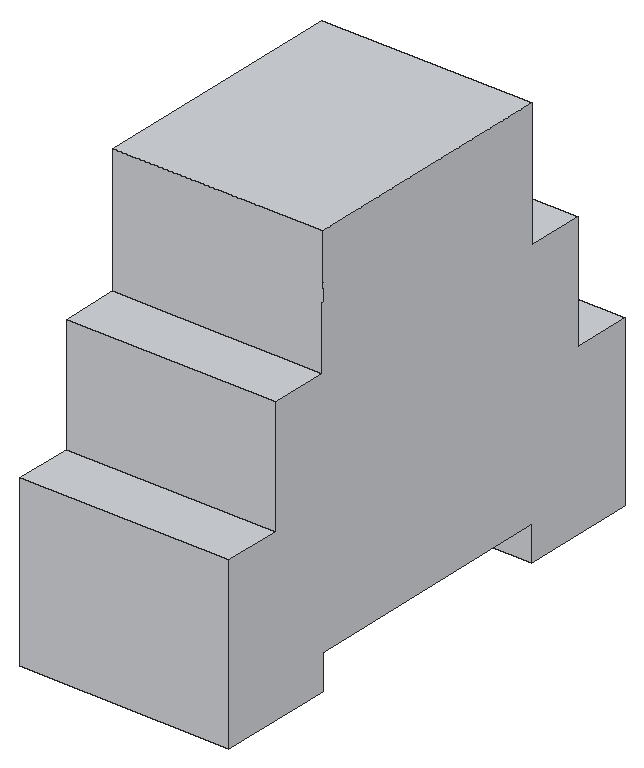
Revit family "Power-ModularDevices-GEWISS-90AM-BUZZER_TRANSFORMER", category Apparecchi elettrici, host Superficie, Revit 2016
Family settings
  Host = Superficie
  Mantenere orientamento annotazione = Sì
  Tipo di parte = Normale
  Quota connettore circolare = Usa diametro
  Numero OmniClass = 23.80.50.00
  Titolo OmniClass = Terminals for Power Supply
  Taglio con vuoti quando caricato = No
  Condiviso = No
  Punto di calcolo locali = Sì
Parameters (values of type "GW96408 - BUZZER 230V AC 2M. WITH TRANSFORMER")
  potenza in watt = 0 V
  carico = Altro
  Version file RFA = "18.0"
  URL = "https://www.gewiss.com/ww/en"
  Technical sheet = "https://www.gewiss.com/ww/en/search?q=GW96408"
  SEO = "Buzzer"
  Realized by GEWISS S.p.A. = ""
  Rated voltage = "230V"
  Default Elevation = 1219.2 mm
  Produttore = "GEWISS S.p.A."
  Power loss = "6,1VA"
  Numero di poli = 1
  No. of modules EN 50022 = "2"
  No. Chorus modules = "2"
  Modello = "GW96408"
  Immagine tipo = GW96408.jpg
  IFC.TypeObject = ""
  IFC.ExportType = ""
  IFC.ExportAs = ""
  IDT = "2f51bfe9-bcf0-469b-8fdd-40b6c8d623b3"
  IDF = "296c82ce-8426-478b-b711-23f7297921be"
  Electrocod = "140"
  EAN code = "8011564063686"
  Descrizione = "BUZZER 230V AC 2M. WITH TRANSFORMER"
  Catalogue Range = "90 AM"
  Catalogue = "POWER"
  COBie.Tagnumber = ""
  COBie.CreatedOn = ""
  COBie.CreatebBy = ""
  COBie.ComponentRegisterItemID = ""
  COBie.Component.TagNumber = ""
  COBie.Component.Space = ""
  COBie.Component.SerialNumber = ""
  COBie.Component.InstallationDate = ""
  COBie.Component.Description = ""
  COBie.Component.BarCode = ""
  Barra_DIN [instance] = 71 mm
Values of the unnamed type that differ from the named types
  Version file RFA = ""
  Technical sheet = ""
  SEO = ""
  Rated voltage = ""
  Power loss = ""
  No. of modules EN 50022 = ""
  No. Chorus modules = ""
  IDT = ""
  IDF = ""
  Electrocod = ""
  EAN code = ""
  Catalogue Range = ""
  Catalogue = ""
Reference planes
  plane 1 "Centro (Fronte/Retro)": y = 0
  plane 2: z = 0
  plane 3 "Centro (Sinistra/Destra)": x = 0
  plane 4: z = 71
Dimensions and locks
  "Barra_DIN": host face to plane 4
  aligned and locked: plane 2 to host face
  aligned and locked: level to host face
  aligned and locked: nested 1 to plane 4
Automatic sketch dimensions
  host sketch curve to host sketch curve = 2438.4 mm  (x2)
Nested families
  nested 1: "GENERICO - 90AM RONZATORI" at (0, 0, 6), type "GENERICO - 90AM RONZATORI"
Connectors
  electrical at (0, 42.5, 18.5), driven by "Numero di poli", driven by "carico"
    settings: on nested 1, index 1, voltage 230 V, apparent load 0 VA, apparent load phase1 0 VA, apparent load phase2 0 VA, apparent load phase3 0 VA, power factor 1, load classification "Altro", number of poles 1, system type 31, power factor state 1, is connector primary yes, connector utility no, sub classification motor no, connector description ""
Definition of nested family "GENERICO - 90AM RONZATORI"
  Parameters (values of type "GENERICO - 90AM RONZATORI")
    h_barra din = if(Altezza barre = 1 mm, 69.9 mm, if(Altezza barre = 2 mm, 115.8 mm, 0 mm))  # 0 mm
    H = if(AB_O = 1, AB_V, if(AB_O = 2, AB_H, 50.8 mm))  # 50.8 mm
    Dist barra din = 0 mm  # constant formula
    C1 = 49 mm  # constant formula
    C = 65 mm  # constant formula
    B = 85 mm  # constant formula
    Altezza barre = 5 mm  # constant formula
    AB_V = 3 mm  # constant formula
    AB_H = 5 mm  # constant formula
    AB_O = 0  # constant formula
    A = 17.5 mm  # constant formula
  Reference planes
    plane 1 "Centro (Fronte/Retro)": y = 0
    plane 2: z = 0
    plane 3 "Centro (Sinistra/Destra)": x = 0
    plane 4: y = -42.5
    plane 5: y = 42.5
    plane 6: z = 0
    plane 7: z = -6
    plane 8 "top": z = 65
    plane 9 "incasso": z = 43
    plane 10: y = -22.5
    plane 11: y = 22.5
    plane 12: x = -8.75
    plane 13: x = 8.75
    plane 14: through (4267.2, -42.5, 9) normal (0, -0.1901, 0.9818)
    plane 15 "retro": z = 23
    plane 16: y = -32.5
    plane 17: y = 32.5
  Forms (mm)
    Extrusion 1, solid
      sketch origin (0, 0, 0) x (0, 1, 0) y (0, 0, 1)
        loop
          line (-22.5, 0) -> (22.5, 0) -> (22.5, -6) -> (42.5, -6) -> (42.5, 23) -> (32.5, 23) -> (32.5, 43) -> (22.5, 43) -> (22.5, 65) -> (-22.5, 65) -> (-22.5, 43) -> (-32.5, 43) -> (-32.5, 23) -> (-42.5, 23) -> (-42.5, -6) -> (-22.5, -6) -> (-22.5, 0)
      from -18 to 18
  Lines and regions (mm)
    symbolic lines
      curve 1: line (0, 0, 15) -> (0, 0, -6)
      curve 2: line (0, -22.5, 0) -> (0, 22.5, 0)
    model lines, detail levels medium+fine
      curve 3: circle (-4.005, 37.125, 23) r 2.5 normal (0, 0, 1)
      curve 4: circle (4.505, 37.125, 23) r 2.5 normal (0, 0, 1)
      curve 5: circle (4.505, -37.278, 23) r 2.5 normal (0, 0, 1)
      curve 6: circle (-4.005, -37.278, 23) r 2.5 normal (0, 0, 1)
      curve 92: line (-4.016, 12.5, 65) -> (-4.231, 11.981, 65)
      curve 93: line (-4.231, 11.981, 65) -> (-4.75, 11.766, 65)
      curve 94: line (-4.75, 11.766, 65) -> (-5.269, 11.981, 65)
      curve 95: line (-5.269, 11.981, 65) -> (-5.484, 12.5, 65)
      curve 96: line (-5.484, 12.5, 65) -> (-5.269, 13.019, 65)
      curve 97: line (-5.269, 13.019, 65) -> (-4.75, 13.234, 65)
      curve 98: line (-4.75, 13.234, 65) -> (-4.231, 13.019, 65)
      curve 99: line (-4.231, 13.019, 65) -> (-4.016, 12.5, 65)
      curve 100: line (0.984, 12.5, 65) -> (0.769, 11.981, 65)
      curve 101: line (0.769, 11.981, 65) -> (0.25, 11.766, 65)
      curve 102: line (0.25, 11.766, 65) -> (-0.269, 11.981, 65)
      curve 103: line (-0.269, 11.981, 65) -> (-0.484, 12.5, 65)
      curve 104: line (-0.484, 12.5, 65) -> (-0.269, 13.019, 65)
      curve 105: line (-0.269, 13.019, 65) -> (0.25, 13.234, 65)
      curve 106: line (0.25, 13.234, 65) -> (0.769, 13.019, 65)
      curve 107: line (0.769, 13.019, 65) -> (0.984, 12.5, 65)
      curve 108: line (5.984, 12.5, 65) -> (5.769, 11.981, 65)
      curve 109: line (5.769, 11.981, 65) -> (5.25, 11.766, 65)
      curve 110: line (5.25, 11.766, 65) -> (4.731, 11.981, 65)
      curve 111: line (4.731, 11.981, 65) -> (4.516, 12.5, 65)
      curve 112: line (4.516, 12.5, 65) -> (4.731, 13.019, 65)
      curve 113: line (4.731, 13.019, 65) -> (5.25, 13.234, 65)
      curve 114: line (5.25, 13.234, 65) -> (5.769, 13.019, 65)
      curve 115: line (5.769, 13.019, 65) -> (5.984, 12.5, 65)
      curve 116: line (-4.016, 7.5, 65) -> (-4.231, 6.981, 65)
      curve 117: line (-4.231, 6.981, 65) -> (-4.75, 6.766, 65)
      curve 118: line (-4.75, 6.766, 65) -> (-5.269, 6.981, 65)
      curve 119: line (-5.269, 6.981, 65) -> (-5.484, 7.5, 65)
      curve 120: line (-5.484, 7.5, 65) -> (-5.269, 8.019, 65)
      curve 121: line (-5.269, 8.019, 65) -> (-4.75, 8.234, 65)
      curve 122: line (-4.75, 8.234, 65) -> (-4.231, 8.019, 65)
      curve 123: line (-4.231, 8.019, 65) -> (-4.016, 7.5, 65)
      curve 124: line (0.984, 7.5, 65) -> (0.769, 6.981, 65)
      curve 125: line (0.769, 6.981, 65) -> (0.25, 6.766, 65)
      curve 126: line (0.25, 6.766, 65) -> (-0.269, 6.981, 65)
      curve 127: line (-0.269, 6.981, 65) -> (-0.484, 7.5, 65)
      curve 128: line (-0.484, 7.5, 65) -> (-0.269, 8.019, 65)
      curve 129: line (-0.269, 8.019, 65) -> (0.25, 8.234, 65)
      curve 130: line (0.25, 8.234, 65) -> (0.769, 8.019, 65)
      curve 131: line (0.769, 8.019, 65) -> (0.984, 7.5, 65)
      curve 132: line (5.984, 7.5, 65) -> (5.769, 6.981, 65)
      curve 133: line (5.769, 6.981, 65) -> (5.25, 6.766, 65)
      curve 134: line (5.25, 6.766, 65) -> (4.731, 6.981, 65)
      curve 135: line (4.731, 6.981, 65) -> (4.516, 7.5, 65)
      curve 136: line (4.516, 7.5, 65) -> (4.731, 8.019, 65)
      curve 137: line (4.731, 8.019, 65) -> (5.25, 8.234, 65)
      curve 138: line (5.25, 8.234, 65) -> (5.769, 8.019, 65)
      curve 139: line (5.769, 8.019, 65) -> (5.984, 7.5, 65)
      curve 140: line (-4.016, 2.5, 65) -> (-4.231, 1.981, 65)
      curve 141: line (-4.231, 1.981, 65) -> (-4.75, 1.766, 65)
      curve 142: line (-4.75, 1.766, 65) -> (-5.269, 1.981, 65)
      curve 143: line (-5.269, 1.981, 65) -> (-5.484, 2.5, 65)
      curve 144: line (-5.484, 2.5, 65) -> (-5.269, 3.019, 65)
      curve 145: line (-5.269, 3.019, 65) -> (-4.75, 3.234, 65)
      curve 146: line (-4.75, 3.234, 65) -> (-4.231, 3.019, 65)
      curve 147: line (-4.231, 3.019, 65) -> (-4.016, 2.5, 65)
      curve 148: line (0.984, 2.5, 65) -> (0.769, 1.981, 65)
      curve 149: line (0.769, 1.981, 65) -> (0.25, 1.766, 65)
      curve 150: line (0.25, 1.766, 65) -> (-0.269, 1.981, 65)
      curve 151: line (-0.269, 1.981, 65) -> (-0.484, 2.5, 65)
      curve 152: line (-0.484, 2.5, 65) -> (-0.269, 3.019, 65)
      curve 153: line (-0.269, 3.019, 65) -> (0.25, 3.234, 65)
      curve 154: line (0.25, 3.234, 65) -> (0.769, 3.019, 65)
      curve 155: line (0.769, 3.019, 65) -> (0.984, 2.5, 65)
      curve 156: line (5.984, 2.5, 65) -> (5.769, 1.981, 65)
      curve 157: line (5.769, 1.981, 65) -> (5.25, 1.766, 65)
      curve 158: line (5.25, 1.766, 65) -> (4.731, 1.981, 65)
      curve 159: line (4.731, 1.981, 65) -> (4.516, 2.5, 65)
      curve 160: line (4.516, 2.5, 65) -> (4.731, 3.019, 65)
      curve 161: line (4.731, 3.019, 65) -> (5.25, 3.234, 65)
      curve 162: line (5.25, 3.234, 65) -> (5.769, 3.019, 65)
      curve 163: line (5.769, 3.019, 65) -> (5.984, 2.5, 65)
      curve 164: line (-4.016, -2.5, 65) -> (-4.231, -3.019, 65)
      curve 165: line (-4.231, -3.019, 65) -> (-4.75, -3.234, 65)
      curve 166: line (-4.75, -3.234, 65) -> (-5.269, -3.019, 65)
      curve 167: line (-5.269, -3.019, 65) -> (-5.484, -2.5, 65)
      curve 168: line (-5.484, -2.5, 65) -> (-5.269, -1.981, 65)
      curve 169: line (-5.269, -1.981, 65) -> (-4.75, -1.766, 65)
      curve 170: line (-4.75, -1.766, 65) -> (-4.231, -1.981, 65)
      curve 171: line (-4.231, -1.981, 65) -> (-4.016, -2.5, 65)
      curve 172: line (0.984, -2.5, 65) -> (0.769, -3.019, 65)
      curve 173: line (0.769, -3.019, 65) -> (0.25, -3.234, 65)
      curve 174: line (0.25, -3.234, 65) -> (-0.269, -3.019, 65)
      curve 175: line (-0.269, -3.019, 65) -> (-0.484, -2.5, 65)
      curve 176: line (-0.484, -2.5, 65) -> (-0.269, -1.981, 65)
      curve 177: line (-0.269, -1.981, 65) -> (0.25, -1.766, 65)
      curve 178: line (0.25, -1.766, 65) -> (0.769, -1.981, 65)
      curve 179: line (0.769, -1.981, 65) -> (0.984, -2.5, 65)
      curve 180: line (5.984, -2.5, 65) -> (5.769, -3.019, 65)
      curve 181: line (5.769, -3.019, 65) -> (5.25, -3.234, 65)
      curve 182: line (5.25, -3.234, 65) -> (4.731, -3.019, 65)
      curve 183: line (4.731, -3.019, 65) -> (4.516, -2.5, 65)
      curve 184: line (4.516, -2.5, 65) -> (4.731, -1.981, 65)
      curve 185: line (4.731, -1.981, 65) -> (5.25, -1.766, 65)
      curve 186: line (5.25, -1.766, 65) -> (5.769, -1.981, 65)
      curve 187: line (5.769, -1.981, 65) -> (5.984, -2.5, 65)
      curve 188: line (-4.016, -7.5, 65) -> (-4.231, -8.019, 65)
      curve 189: line (-4.231, -8.019, 65) -> (-4.75, -8.234, 65)
      curve 190: line (-4.75, -8.234, 65) -> (-5.269, -8.019, 65)
      curve 191: line (-5.269, -8.019, 65) -> (-5.484, -7.5, 65)
      curve 192: line (-5.484, -7.5, 65) -> (-5.269, -6.981, 65)
      curve 193: line (-5.269, -6.981, 65) -> (-4.75, -6.766, 65)
      curve 194: line (-4.75, -6.766, 65) -> (-4.231, -6.981, 65)
      curve 195: line (-4.231, -6.981, 65) -> (-4.016, -7.5, 65)
      curve 196: line (0.984, -7.5, 65) -> (0.769, -8.019, 65)
      curve 197: line (0.769, -8.019, 65) -> (0.25, -8.234, 65)
      curve 198: line (0.25, -8.234, 65) -> (-0.269, -8.019, 65)
      curve 199: line (-0.269, -8.019, 65) -> (-0.484, -7.5, 65)
      curve 200: line (-0.484, -7.5, 65) -> (-0.269, -6.981, 65)
      curve 201: line (-0.269, -6.981, 65) -> (0.25, -6.766, 65)
      curve 202: line (0.25, -6.766, 65) -> (0.769, -6.981, 65)
      curve 203: line (0.769, -6.981, 65) -> (0.984, -7.5, 65)
      curve 204: line (5.984, -7.5, 65) -> (5.769, -8.019, 65)
      curve 205: line (5.769, -8.019, 65) -> (5.25, -8.234, 65)
      curve 206: line (5.25, -8.234, 65) -> (4.731, -8.019, 65)
      curve 207: line (4.731, -8.019, 65) -> (4.516, -7.5, 65)
      curve 208: line (4.516, -7.5, 65) -> (4.731, -6.981, 65)
      curve 209: line (4.731, -6.981, 65) -> (5.25, -6.766, 65)
      curve 210: line (5.25, -6.766, 65) -> (5.769, -6.981, 65)
      curve 211: line (5.769, -6.981, 65) -> (5.984, -7.5, 65)
      curve 212: line (-14.016, 12.5, 65) -> (-14.231, 11.981, 65)
      curve 213: line (-14.231, 11.981, 65) -> (-14.75, 11.766, 65)
      curve 214: line (-14.75, 11.766, 65) -> (-15.269, 11.981, 65)
      curve 215: line (-15.269, 11.981, 65) -> (-15.484, 12.5, 65)
      curve 216: line (-15.484, 12.5, 65) -> (-15.269, 13.019, 65)
      curve 217: line (-15.269, 13.019, 65) -> (-14.75, 13.234, 65)
      curve 218: line (-14.75, 13.234, 65) -> (-14.231, 13.019, 65)
      curve 219: line (-14.231, 13.019, 65) -> (-14.016, 12.5, 65)
      curve 220: line (-9.016, 12.5, 65) -> (-9.231, 11.981, 65)
      curve 221: line (-9.231, 11.981, 65) -> (-9.75, 11.766, 65)
      curve 222: line (-9.75, 11.766, 65) -> (-10.269, 11.981, 65)
      curve 223: line (-10.269, 11.981, 65) -> (-10.484, 12.5, 65)
      curve 224: line (-10.484, 12.5, 65) -> (-10.269, 13.019, 65)
      curve 225: line (-10.269, 13.019, 65) -> (-9.75, 13.234, 65)
      curve 226: line (-9.75, 13.234, 65) -> (-9.231, 13.019, 65)
      curve 227: line (-9.231, 13.019, 65) -> (-9.016, 12.5, 65)
      curve 228: line (-14.016, 7.5, 65) -> (-14.231, 6.981, 65)
      curve 229: line (-14.231, 6.981, 65) -> (-14.75, 6.766, 65)
      curve 230: line (-14.75, 6.766, 65) -> (-15.269, 6.981, 65)
      curve 231: line (-15.269, 6.981, 65) -> (-15.484, 7.5, 65)
      curve 232: line (-15.484, 7.5, 65) -> (-15.269, 8.019, 65)
      curve 233: line (-15.269, 8.019, 65) -> (-14.75, 8.234, 65)
      curve 234: line (-14.75, 8.234, 65) -> (-14.231, 8.019, 65)
      curve 235: line (-14.231, 8.019, 65) -> (-14.016, 7.5, 65)
      curve 236: line (-9.016, 7.5, 65) -> (-9.231, 6.981, 65)
      curve 237: line (-9.231, 6.981, 65) -> (-9.75, 6.766, 65)
      curve 238: line (-9.75, 6.766, 65) -> (-10.269, 6.981, 65)
      curve 239: line (-10.269, 6.981, 65) -> (-10.484, 7.5, 65)
      curve 240: line (-10.484, 7.5, 65) -> (-10.269, 8.019, 65)
      curve 241: line (-10.269, 8.019, 65) -> (-9.75, 8.234, 65)
      curve 242: line (-9.75, 8.234, 65) -> (-9.231, 8.019, 65)
      curve 243: line (-9.231, 8.019, 65) -> (-9.016, 7.5, 65)
      curve 244: line (-14.016, 2.5, 65) -> (-14.231, 1.981, 65)
      curve 245: line (-14.231, 1.981, 65) -> (-14.75, 1.766, 65)
      curve 246: line (-14.75, 1.766, 65) -> (-15.269, 1.981, 65)
      curve 247: line (-15.269, 1.981, 65) -> (-15.484, 2.5, 65)
      curve 248: line (-15.484, 2.5, 65) -> (-15.269, 3.019, 65)
      curve 249: line (-15.269, 3.019, 65) -> (-14.75, 3.234, 65)
      curve 250: line (-14.75, 3.234, 65) -> (-14.231, 3.019, 65)
      curve 251: line (-14.231, 3.019, 65) -> (-14.016, 2.5, 65)
      curve 252: line (-9.016, 2.5, 65) -> (-9.231, 1.981, 65)
      curve 253: line (-9.231, 1.981, 65) -> (-9.75, 1.766, 65)
      curve 254: line (-9.75, 1.766, 65) -> (-10.269, 1.981, 65)
      curve 255: line (-10.269, 1.981, 65) -> (-10.484, 2.5, 65)
      curve 256: line (-10.484, 2.5, 65) -> (-10.269, 3.019, 65)
      curve 257: line (-10.269, 3.019, 65) -> (-9.75, 3.234, 65)
      curve 258: line (-9.75, 3.234, 65) -> (-9.231, 3.019, 65)
      curve 259: line (-9.231, 3.019, 65) -> (-9.016, 2.5, 65)
      curve 260: line (-14.016, -2.5, 65) -> (-14.231, -3.019, 65)
      curve 261: line (-14.231, -3.019, 65) -> (-14.75, -3.234, 65)
      curve 262: line (-14.75, -3.234, 65) -> (-15.269, -3.019, 65)
      curve 263: line (-15.269, -3.019, 65) -> (-15.484, -2.5, 65)
      curve 264: line (-15.484, -2.5, 65) -> (-15.269, -1.981, 65)
      curve 265: line (-15.269, -1.981, 65) -> (-14.75, -1.766, 65)
      curve 266: line (-14.75, -1.766, 65) -> (-14.231, -1.981, 65)
      curve 267: line (-14.231, -1.981, 65) -> (-14.016, -2.5, 65)
      curve 268: line (-9.016, -2.5, 65) -> (-9.231, -3.019, 65)
      curve 269: line (-9.231, -3.019, 65) -> (-9.75, -3.234, 65)
      curve 270: line (-9.75, -3.234, 65) -> (-10.269, -3.019, 65)
      curve 271: line (-10.269, -3.019, 65) -> (-10.484, -2.5, 65)
      curve 272: line (-10.484, -2.5, 65) -> (-10.269, -1.981, 65)
      curve 273: line (-10.269, -1.981, 65) -> (-9.75, -1.766, 65)
      curve 274: line (-9.75, -1.766, 65) -> (-9.231, -1.981, 65)
      curve 275: line (-9.231, -1.981, 65) -> (-9.016, -2.5, 65)
      curve 276: line (-14.016, -7.5, 65) -> (-14.231, -8.019, 65)
      curve 277: line (-14.231, -8.019, 65) -> (-14.75, -8.234, 65)
      curve 278: line (-14.75, -8.234, 65) -> (-15.269, -8.019, 65)
      curve 279: line (-15.269, -8.019, 65) -> (-15.484, -7.5, 65)
      curve 280: line (-15.484, -7.5, 65) -> (-15.269, -6.981, 65)
      curve 281: line (-15.269, -6.981, 65) -> (-14.75, -6.766, 65)
      curve 282: line (-14.75, -6.766, 65) -> (-14.231, -6.981, 65)
      curve 283: line (-14.231, -6.981, 65) -> (-14.016, -7.5, 65)
      curve 284: line (-9.016, -7.5, 65) -> (-9.231, -8.019, 65)
      curve 285: line (-9.231, -8.019, 65) -> (-9.75, -8.234, 65)
      curve 286: line (-9.75, -8.234, 65) -> (-10.269, -8.019, 65)
      curve 287: line (-10.269, -8.019, 65) -> (-10.484, -7.5, 65)
      curve 288: line (-10.484, -7.5, 65) -> (-10.269, -6.981, 65)
      curve 289: line (-10.269, -6.981, 65) -> (-9.75, -6.766, 65)
      curve 290: line (-9.75, -6.766, 65) -> (-9.231, -6.981, 65)
      curve 291: line (-9.231, -6.981, 65) -> (-9.016, -7.5, 65)
      curve 292: line (10.984, 12.5, 65) -> (10.769, 11.981, 65)
      curve 293: line (10.769, 11.981, 65) -> (10.25, 11.766, 65)
      curve 294: line (10.25, 11.766, 65) -> (9.731, 11.981, 65)
      curve 295: line (9.731, 11.981, 65) -> (9.516, 12.5, 65)
      curve 296: line (9.516, 12.5, 65) -> (9.731, 13.019, 65)
      curve 297: line (9.731, 13.019, 65) -> (10.25, 13.234, 65)
      curve 298: line (10.25, 13.234, 65) -> (10.769, 13.019, 65)
      curve 299: line (10.769, 13.019, 65) -> (10.984, 12.5, 65)
      curve 300: line (15.984, 12.5, 65) -> (15.769, 11.981, 65)
      curve 301: line (15.769, 11.981, 65) -> (15.25, 11.766, 65)
      curve 302: line (15.25, 11.766, 65) -> (14.731, 11.981, 65)
      curve 303: line (14.731, 11.981, 65) -> (14.516, 12.5, 65)
      curve 304: line (14.516, 12.5, 65) -> (14.731, 13.019, 65)
      curve 305: line (14.731, 13.019, 65) -> (15.25, 13.234, 65)
      curve 306: line (15.25, 13.234, 65) -> (15.769, 13.019, 65)
      curve 307: line (15.769, 13.019, 65) -> (15.984, 12.5, 65)
      curve 308: line (10.984, 7.5, 65) -> (10.769, 6.981, 65)
      curve 309: line (10.769, 6.981, 65) -> (10.25, 6.766, 65)
      curve 310: line (10.25, 6.766, 65) -> (9.731, 6.981, 65)
      curve 311: line (9.731, 6.981, 65) -> (9.516, 7.5, 65)
      curve 312: line (9.516, 7.5, 65) -> (9.731, 8.019, 65)
      curve 313: line (9.731, 8.019, 65) -> (10.25, 8.234, 65)
      curve 314: line (10.25, 8.234, 65) -> (10.769, 8.019, 65)
      curve 315: line (10.769, 8.019, 65) -> (10.984, 7.5, 65)
      curve 316: line (15.984, 7.5, 65) -> (15.769, 6.981, 65)
      curve 317: line (15.769, 6.981, 65) -> (15.25, 6.766, 65)
      curve 318: line (15.25, 6.766, 65) -> (14.731, 6.981, 65)
      curve 319: line (14.731, 6.981, 65) -> (14.516, 7.5, 65)
      curve 320: line (14.516, 7.5, 65) -> (14.731, 8.019, 65)
      curve 321: line (14.731, 8.019, 65) -> (15.25, 8.234, 65)
      curve 322: line (15.25, 8.234, 65) -> (15.769, 8.019, 65)
      curve 323: line (15.769, 8.019, 65) -> (15.984, 7.5, 65)
      curve 324: line (10.984, 2.5, 65) -> (10.769, 1.981, 65)
      curve 325: line (10.769, 1.981, 65) -> (10.25, 1.766, 65)
      curve 326: line (10.25, 1.766, 65) -> (9.731, 1.981, 65)
      curve 327: line (9.731, 1.981, 65) -> (9.516, 2.5, 65)
      curve 328: line (9.516, 2.5, 65) -> (9.731, 3.019, 65)
      curve 329: line (9.731, 3.019, 65) -> (10.25, 3.234, 65)
      curve 330: line (10.25, 3.234, 65) -> (10.769, 3.019, 65)
      curve 331: line (10.769, 3.019, 65) -> (10.984, 2.5, 65)
      curve 332: line (15.984, 2.5, 65) -> (15.769, 1.981, 65)
      curve 333: line (15.769, 1.981, 65) -> (15.25, 1.766, 65)
      curve 334: line (15.25, 1.766, 65) -> (14.731, 1.981, 65)
      curve 335: line (14.731, 1.981, 65) -> (14.516, 2.5, 65)
      curve 336: line (14.516, 2.5, 65) -> (14.731, 3.019, 65)
      curve 337: line (14.731, 3.019, 65) -> (15.25, 3.234, 65)
      curve 338: line (15.25, 3.234, 65) -> (15.769, 3.019, 65)
      curve 339: line (15.769, 3.019, 65) -> (15.984, 2.5, 65)
      curve 340: line (10.984, -2.5, 65) -> (10.769, -3.019, 65)
      curve 341: line (10.769, -3.019, 65) -> (10.25, -3.234, 65)
      curve 342: line (10.25, -3.234, 65) -> (9.731, -3.019, 65)
      curve 343: line (9.731, -3.019, 65) -> (9.516, -2.5, 65)
      curve 344: line (9.516, -2.5, 65) -> (9.731, -1.981, 65)
      curve 345: line (9.731, -1.981, 65) -> (10.25, -1.766, 65)
      curve 346: line (10.25, -1.766, 65) -> (10.769, -1.981, 65)
      curve 347: line (10.769, -1.981, 65) -> (10.984, -2.5, 65)
      curve 348: line (15.984, -2.5, 65) -> (15.769, -3.019, 65)
      curve 349: line (15.769, -3.019, 65) -> (15.25, -3.234, 65)
      curve 350: line (15.25, -3.234, 65) -> (14.731, -3.019, 65)
      curve 351: line (14.731, -3.019, 65) -> (14.516, -2.5, 65)
      curve 352: line (14.516, -2.5, 65) -> (14.731, -1.981, 65)
      curve 353: line (14.731, -1.981, 65) -> (15.25, -1.766, 65)
      curve 354: line (15.25, -1.766, 65) -> (15.769, -1.981, 65)
      curve 355: line (15.769, -1.981, 65) -> (15.984, -2.5, 65)
      curve 356: line (10.984, -7.5, 65) -> (10.769, -8.019, 65)
      curve 357: line (10.769, -8.019, 65) -> (10.25, -8.234, 65)
      curve 358: line (10.25, -8.234, 65) -> (9.731, -8.019, 65)
      curve 359: line (9.731, -8.019, 65) -> (9.516, -7.5, 65)
      curve 360: line (9.516, -7.5, 65) -> (9.731, -6.981, 65)
      curve 361: line (9.731, -6.981, 65) -> (10.25, -6.766, 65)
      curve 362: line (10.25, -6.766, 65) -> (10.769, -6.981, 65)
      curve 363: line (10.769, -6.981, 65) -> (10.984, -7.5, 65)
      curve 364: line (15.984, -7.5, 65) -> (15.769, -8.019, 65)
      curve 365: line (15.769, -8.019, 65) -> (15.25, -8.234, 65)
      curve 366: line (15.25, -8.234, 65) -> (14.731, -8.019, 65)
      curve 367: line (14.731, -8.019, 65) -> (14.516, -7.5, 65)
      curve 368: line (14.516, -7.5, 65) -> (14.731, -6.981, 65)
      curve 369: line (14.731, -6.981, 65) -> (15.25, -6.766, 65)
      curve 370: line (15.25, -6.766, 65) -> (15.769, -6.981, 65)
      curve 371: line (15.769, -6.981, 65) -> (15.984, -7.5, 65)
      curve 372: circle (12.967, 37.125, 23) r 2.5 normal (0, 0, 1)
      curve 373: circle (-12.508, 37.125, 23) r 2.5 normal (0, 0, 1)
      curve 374: circle (13.018, -37.278, 23) r 2.5 normal (0, 0, 1)
      curve 375: circle (-12.473, -37.278, 23) r 2.5 normal (0, 0, 1)
    model lines, detail levels fine
      curve 7: line (-14.299, -19.371, 65) -> (-14.299, -21.488, 65)
      curve 8: line (-14.299, -21.488, 65) -> (-15.008, -21.488, 65)
      curve 9: line (-15.008, -21.488, 65) -> (-15.419, -21.436, 65)
      curve 10: line (-15.419, -21.436, 65) -> (-15.923, -21.213, 65)
      curve 11: line (-15.923, -21.213, 65) -> (-16.322, -20.842, 65)
      curve 12: line (-16.322, -20.842, 65) -> (-16.587, -20.343, 65)
      curve 13: line (-16.587, -20.343, 65) -> (-16.669, -19.81, 65)
      curve 14: line (-16.669, -19.81, 65) -> (-16.589, -19.32, 65)
      curve 15: line (-16.589, -19.32, 65) -> (-16.377, -18.887, 65)
      curve 16: line (-16.377, -18.887, 65) -> (-15.995, -18.492, 65)
      curve 17: line (-15.995, -18.492, 65) -> (-15.534, -18.252, 65)
      curve 18: line (-15.534, -18.252, 65) -> (-15.015, -18.166, 65)
      curve 19: line (-15.015, -18.166, 65) -> (-14.299, -18.166, 65)
      curve 20: line (-14.299, -18.166, 65) -> (-14.299, -19.079, 65)
      curve 21: line (-14.299, -19.079, 65) -> (-15.504, -19.079, 65)
      curve 22: line (-15.504, -19.079, 65) -> (-15.504, -20.575, 65)
      curve 23: line (-15.504, -20.575, 65) -> (-15.21, -20.575, 65)
      curve 24: line (-15.21, -20.575, 65) -> (-15.21, -19.371, 65)
      curve 25: line (-15.21, -19.371, 65) -> (-14.299, -19.371, 65)
      curve 26: line (-11.434, -21.488, 65) -> (-14.007, -21.488, 65)
      curve 27: line (-14.007, -21.488, 65) -> (-14.007, -18.166, 65)
      curve 28: line (-14.007, -18.166, 65) -> (-12.638, -18.166, 65)
      curve 29: line (-12.638, -18.166, 65) -> (-12.638, -19.079, 65)
      curve 30: line (-12.638, -19.079, 65) -> (-13.095, -19.079, 65)
      curve 31: line (-13.095, -19.079, 65) -> (-13.095, -19.371, 65)
      curve 32: line (-13.095, -19.371, 65) -> (-11.434, -19.371, 65)
      curve 33: line (-11.434, -19.371, 65) -> (-11.434, -20.283, 65)
      curve 34: line (-11.434, -20.283, 65) -> (-13.094, -20.283, 65)
      curve 35: line (-13.094, -20.283, 65) -> (-13.094, -20.575, 65)
      curve 36: line (-13.094, -20.575, 65) -> (-11.434, -20.575, 65)
      curve 37: line (-11.434, -20.575, 65) -> (-11.434, -21.488, 65)
      curve 38: line (-6.781, -21.488, 65) -> (-6.781, -19.371, 65)
      curve 39: line (-6.781, -19.371, 65) -> (-7.693, -19.371, 65)
      curve 40: line (-7.693, -19.371, 65) -> (-7.693, -21.488, 65)
      curve 41: line (-7.693, -21.488, 65) -> (-6.781, -21.488, 65)
      curve 42: line (-9.837, -21.488, 65) -> (-9.564, -20.119, 65)
      curve 43: line (-9.564, -20.119, 65) -> (-9.29, -21.488, 65)
      curve 44: line (-9.29, -21.488, 65) -> (-8.378, -21.488, 65)
      curve 45: line (-8.378, -21.488, 65) -> (-7.812, -19.079, 65)
      curve 46: line (-7.812, -19.079, 65) -> (-6.781, -19.079, 65)
      curve 47: line (-6.781, -19.079, 65) -> (-6.781, -18.166, 65)
      curve 48: line (-6.781, -18.166, 65) -> (-8.533, -18.166, 65)
      curve 49: line (-8.533, -18.166, 65) -> (-8.861, -19.572, 65)
      curve 50: line (-8.861, -19.572, 65) -> (-9.089, -18.166, 65)
      curve 51: line (-9.089, -18.166, 65) -> (-10.038, -18.166, 65)
      curve 52: line (-10.038, -18.166, 65) -> (-10.266, -19.572, 65)
      curve 53: line (-10.266, -19.572, 65) -> (-10.595, -18.166, 65)
      curve 54: line (-10.595, -18.166, 65) -> (-12.346, -18.166, 65)
      curve 55: line (-12.346, -18.166, 65) -> (-12.346, -19.079, 65)
      curve 56: line (-12.346, -19.079, 65) -> (-11.315, -19.079, 65)
      curve 57: line (-11.315, -19.079, 65) -> (-10.751, -21.488, 65)
      curve 58: line (-10.751, -21.488, 65) -> (-9.837, -21.488, 65)
      curve 59: line (-3.916, -18.166, 65) -> (-6.489, -18.166, 65)
      curve 60: line (-6.489, -18.166, 65) -> (-6.489, -20.283, 65)
      curve 61: line (-6.489, -20.283, 65) -> (-4.828, -20.283, 65)
      curve 62: line (-4.828, -20.283, 65) -> (-4.828, -20.575, 65)
      curve 63: line (-4.828, -20.575, 65) -> (-6.489, -20.575, 65)
      curve 64: line (-6.489, -20.575, 65) -> (-6.489, -21.488, 65)
      curve 65: line (-6.489, -21.488, 65) -> (-3.916, -21.488, 65)
      curve 66: line (-3.916, -21.488, 65) -> (-3.916, -19.371, 65)
      curve 67: line (-3.916, -19.371, 65) -> (-5.576, -19.371, 65)
      curve 68: line (-5.576, -19.371, 65) -> (-5.576, -19.079, 65)
      curve 69: line (-5.576, -19.079, 65) -> (-3.916, -19.079, 65)
      curve 70: line (-3.916, -19.079, 65) -> (-3.916, -18.166, 65)
      curve 71: line (-3.624, -18.166, 65) -> (-3.624, -20.283, 65)
      curve 72: line (-3.624, -20.283, 65) -> (-2.075, -20.283, 65)
      curve 73: line (-2.075, -20.283, 65) -> (-2.075, -20.575, 65)
      curve 74: line (-2.075, -20.575, 65) -> (-3.624, -20.575, 65)
      curve 75: line (-3.624, -20.575, 65) -> (-3.624, -21.488, 65)
      curve 76: line (-3.624, -21.488, 65) -> (-2.712, -21.488, 65)
      curve 77: line (-2.712, -21.488, 65) -> (-2.185, -21.318, 65)
      curve 78: line (-2.185, -21.318, 65) -> (-1.845, -21.097, 65)
      curve 79: line (-1.845, -21.097, 65) -> (-1.455, -20.619, 65)
      curve 80: line (-1.455, -20.619, 65) -> (-1.274, -20.083, 65)
      curve 81: line (-1.274, -20.083, 65) -> (-1.269, -19.607, 65)
      curve 82: line (-1.269, -19.607, 65) -> (-1.318, -19.371, 65)
      curve 83: line (-1.318, -19.371, 65) -> (-2.712, -19.371, 65)
      curve 84: line (-2.712, -19.371, 65) -> (-2.712, -19.079, 65)
      curve 85: line (-2.712, -19.079, 65) -> (-1.443, -19.079, 65)
      curve 86: line (-1.443, -19.079, 65) -> (-1.607, -18.803, 65)
      curve 87: line (-1.607, -18.803, 65) -> (-1.845, -18.557, 65)
      curve 88: line (-1.845, -18.557, 65) -> (-2.175, -18.34, 65)
      curve 89: line (-2.175, -18.34, 65) -> (-2.52, -18.214, 65)
      curve 90: line (-2.52, -18.214, 65) -> (-2.908, -18.166, 65)
      curve 91: line (-2.908, -18.166, 65) -> (-3.624, -18.166, 65)
  Text (mm)
    text "AB_V" at (0, 50.868, 44.72), in view "Destra"
    text "AB_O" at (0, -80.659, 111.963), in view "Destra"
  Dimensions and locks
    equal spacing: plane 4, plane 1 "Centro (Fronte/Retro)", plane 5
    "B": plane 4 to plane 5
    "Dist barra din": plane 6 to level
    locked: plane 6 to plane 7 at 6
    "C": plane 8 "top" to plane 6
    equal spacing: plane 10, plane 1 "Centro (Fronte/Retro)", plane 11
    plane 10 to plane 11 = 45 mm
    equal spacing: plane 12, plane 3 "Centro (Sinistra/Destra)", plane 13
    "A": plane 12 to plane 13
    "C1": plane 9 "incasso" to plane 7
    locked: plane 16 to plane 10 at 10
    locked: plane 11 to plane 17 at 10
    angle level to plane 14 = 10.9557°
    angle plane 4 to plane 8 "top" = 90.00°
    aligned and locked: level to plane 2
    aligned and locked: Extrusion 1 sketch curve to plane 6
    aligned and locked: Extrusion 1 sketch curve to plane 7
    aligned and locked: Extrusion 1 sketch curve to plane 4
    aligned and locked: Extrusion 1 sketch curve to plane 11  (x2)
    aligned and locked: Extrusion 1 sketch curve to plane 10
    aligned and locked: plane 1 "Centro (Fronte/Retro)" to curve 1
    aligned and locked: Extrusion 1 to plane 6
    aligned and locked: plane 10 to Extrusion 1 sketch curve
    aligned and locked: Extrusion 1 sketch curve to plane 9 "incasso"
    aligned and locked: plane 9 "incasso" to Extrusion 1 sketch curve
    aligned and locked: Extrusion 1 sketch curve to plane 5
    aligned and locked: Extrusion 1 sketch curve to plane 16
    aligned and locked: Extrusion 1 sketch curve to plane 17
    aligned and locked: Extrusion 1 sketch curve to plane 15 "retro"
    aligned and locked: plane 15 "retro" to Extrusion 1 sketch curve
  Automatic sketch dimensions
    Extrusion 1 sketch curve to plane 7 = 0 mm
    Extrusion 1 sketch curve to plane 8 "top" = 0 mm
    curve 2 to level = 0 mm
    curve 2 to plane 10 = 0 mm
    curve 2 to plane 11 = 0 mm
    curve 1 to plane 7 = 0 mm
    plane 15 "retro" to curve 1 = 8 mm
    plane 12 to curve 98 = 4 mm
    curve 98 to plane 11 = 9.266 mm
    curve 114 to plane 13 = 3.5 mm
    curve 114 to plane 11 = 9.266 mm
    plane 3 "Centro (Sinistra/Destra)" to curve 105 = 0.25 mm
    curve 97 to curve 105 = 0 mm
    plane 12 to curve 96 = 3.481 mm
    curve 97 to curve 96 = 0.215 mm
    curve 115 to plane 13 = 2.981 mm
    curve 113 to curve 115 = 0.215 mm
    curve 98 to plane 3 "Centro (Sinistra/Destra)" = 4.231 mm
    curve 97 to curve 98 = 0.215 mm
    curve 104 to plane 3 "Centro (Sinistra/Destra)" = 0.269 mm
    curve 105 to curve 104 = 0.215 mm
    curve 112 to plane 13 = 4.019 mm
    curve 114 to curve 112 = 0.215 mm
    plane 3 "Centro (Sinistra/Destra)" to curve 107 = 0.769 mm
    curve 105 to curve 107 = 0.215 mm
    curve 111 to plane 13 = 4.234 mm
    curve 112 to curve 111 = 0.519 mm
    plane 12 to curve 95 = 3.266 mm
    curve 96 to curve 95 = 0.519 mm
    curve 99 to plane 3 "Centro (Sinistra/Destra)" = 4.016 mm
    curve 98 to curve 99 = 0.519 mm
    plane 3 "Centro (Sinistra/Destra)" to curve 100 = 0.984 mm
    curve 106 to curve 100 = 0.519 mm
    curve 108 to plane 13 = 2.766 mm
    curve 114 to curve 108 = 0.519 mm
    curve 104 to plane 3 "Centro (Sinistra/Destra)" = 0.484 mm
    curve 104 to curve 104 = 0.519 mm
    curve 102 to plane 3 "Centro (Sinistra/Destra)" = 0.269 mm
    curve 103 to curve 102 = 0.519 mm
    plane 12 to curve 94 = 3.481 mm
    curve 96 to curve 94 = 0.519 mm
    curve 110 to plane 13 = 4.019 mm
    curve 111 to curve 110 = 0.519 mm
    curve 109 to plane 13 = 2.981 mm
    curve 108 to curve 109 = 0.519 mm
    curve 92 to plane 3 "Centro (Sinistra/Destra)" = 4.231 mm
    curve 92 to curve 92 = 0.519 mm
    plane 3 "Centro (Sinistra/Destra)" to curve 100 = 0.769 mm
    curve 100 to curve 100 = 0.519 mm
    plane 3 "Centro (Sinistra/Destra)" to curve 101 = 0.25 mm
    curve 100 to curve 101 = 0.215 mm
    curve 109 to plane 13 = 3.5 mm
    curve 110 to curve 109 = 0.215 mm
    plane 12 to curve 94 = 4 mm
    curve 94 to curve 94 = 0.215 mm
    curve 138 to plane 13 = 3.5 mm
    curve 109 to curve 138 = 3.531 mm
    plane 12 to curve 122 = 4 mm
    curve 93 to curve 122 = 3.531 mm
    plane 3 "Centro (Sinistra/Destra)" to curve 130 = 0.25 mm
    curve 101 to curve 130 = 3.531 mm
    plane 3 "Centro (Sinistra/Destra)" to curve 131 = 0.769 mm
    curve 129 to curve 131 = 0.215 mm
    curve 137 to curve 137 = 0.215 mm
    plane 12 to curve 120 = 3.481 mm
    curve 121 to curve 120 = 0.215 mm
    curve 128 to plane 3 "Centro (Sinistra/Destra)" = 0.269 mm
    curve 129 to curve 128 = 0.215 mm
    curve 138 to plane 13 = 2.981 mm
    curve 137 to curve 138 = 0.215 mm
    curve 121 to curve 123 = 0.215 mm
    curve 136 to curve 136 = 0.519 mm
    curve 128 to plane 3 "Centro (Sinistra/Destra)" = 0.484 mm
    curve 128 to curve 128 = 0.519 mm
    plane 3 "Centro (Sinistra/Destra)" to curve 124 = 0.984 mm
    curve 130 to curve 124 = 0.519 mm
    curve 122 to curve 116 = 0.519 mm
    plane 12 to curve 120 = 3.266 mm
    curve 120 to curve 120 = 0.519 mm
    curve 132 to plane 13 = 2.766 mm
    curve 138 to curve 132 = 0.519 mm
    plane 3 "Centro (Sinistra/Destra)" to curve 124 = 0.769 mm
    curve 124 to curve 124 = 0.519 mm
    curve 116 to curve 117 = 0.519 mm
    curve 126 to plane 3 "Centro (Sinistra/Destra)" = 0.269 mm
    curve 127 to curve 126 = 0.519 mm
    curve 135 to curve 135 = 0.519 mm
    curve 133 to plane 13 = 2.981 mm
    curve 132 to curve 133 = 0.519 mm
    plane 12 to curve 119 = 3.481 mm
    curve 120 to curve 119 = 0.519 mm
    curve 134 to curve 133 = 0.215 mm
    plane 3 "Centro (Sinistra/Destra)" to curve 126 = 0.25 mm
    curve 124 to curve 126 = 0.215 mm
    curve 118 to curve 117 = 0.215 mm
    plane 3 "Centro (Sinistra/Destra)" to curve 154 = 0.25 mm
    curve 154 to plane 1 "Centro (Fronte/Retro)" = 3.234 mm
    curve 161 to plane 1 "Centro (Fronte/Retro)" = 3.234 mm
    curve 145 to plane 1 "Centro (Fronte/Retro)" = 3.234 mm
    curve 152 to plane 3 "Centro (Sinistra/Destra)" = 0.269 mm
    curve 153 to curve 152 = 0.215 mm
    curve 145 to curve 147 = 0.215 mm
    curve 162 to curve 161 = 0.215 mm
    curve 161 to curve 162 = 0.215 mm
    plane 3 "Centro (Sinistra/Destra)" to curve 154 = 0.769 mm
    curve 153 to curve 154 = 0.215 mm
    curve 145 to curve 144 = 0.215 mm
    curve 162 to curve 163 = 0.519 mm
    curve 151 to plane 3 "Centro (Sinistra/Destra)" = 0.484 mm
    curve 152 to curve 151 = 0.519 mm
    curve 145 to curve 143 = 0.519 mm
    plane 3 "Centro (Sinistra/Destra)" to curve 148 = 0.984 mm
    curve 154 to curve 148 = 0.519 mm
    curve 146 to curve 147 = 0.519 mm
    curve 161 to curve 159 = 0.519 mm
    plane 3 "Centro (Sinistra/Destra)" to curve 148 = 0.769 mm
    curve 155 to curve 148 = 0.519 mm
    curve 143 to curve 143 = 0.519 mm
    curve 163 to curve 157 = 0.519 mm
    curve 151 to plane 3 "Centro (Sinistra/Destra)" = 0.269 mm
    curve 151 to curve 151 = 0.519 mm
    curve 147 to curve 141 = 0.519 mm
    curve 159 to curve 159 = 0.519 mm
    plane 3 "Centro (Sinistra/Destra)" to curve 150 = 0.25 mm
    curve 148 to curve 150 = 0.215 mm
    curve 159 to curve 158 = 0.215 mm  (x2)
    curve 142 to curve 141 = 0.215 mm
    plane 1 "Centro (Fronte/Retro)" to curve 169 = 1.766 mm
    plane 3 "Centro (Sinistra/Destra)" to curve 177 = 0.25 mm
    plane 1 "Centro (Fronte/Retro)" to curve 177 = 1.766 mm
    plane 1 "Centro (Fronte/Retro)" to curve 186 = 1.766 mm
    curve 176 to plane 3 "Centro (Sinistra/Destra)" = 0.269 mm
    curve 177 to curve 176 = 0.215 mm
    curve 169 to curve 168 = 0.215 mm
    curve 186 to curve 187 = 0.215 mm
    curve 186 to curve 184 = 0.215 mm
    plane 3 "Centro (Sinistra/Destra)" to curve 179 = 0.769 mm
    curve 177 to curve 179 = 0.215 mm
    curve 169 to curve 170 = 0.215 mm
    curve 175 to plane 3 "Centro (Sinistra/Destra)" = 0.484 mm
    curve 176 to curve 175 = 0.519 mm
    curve 184 to curve 183 = 0.519 mm
    curve 187 to curve 187 = 0.519 mm
    curve 170 to curve 164 = 0.519 mm
    curve 168 to curve 167 = 0.519 mm
    plane 3 "Centro (Sinistra/Destra)" to curve 179 = 0.984 mm
    curve 178 to curve 179 = 0.519 mm
    plane 3 "Centro (Sinistra/Destra)" to curve 173 = 0.769 mm
    curve 172 to curve 173 = 0.519 mm
    curve 180 to curve 181 = 0.519 mm
    curve 183 to curve 183 = 0.519 mm
    curve 174 to plane 3 "Centro (Sinistra/Destra)" = 0.269 mm
    curve 175 to curve 174 = 0.519 mm
    curve 167 to curve 167 = 0.519 mm
    curve 171 to curve 164 = 0.519 mm
    curve 182 to curve 181 = 0.215 mm
    curve 166 to curve 166 = 0.215 mm
    plane 3 "Centro (Sinistra/Destra)" to curve 174 = 0.25 mm
    curve 172 to curve 174 = 0.215 mm
    curve 165 to curve 194 = 3.531 mm
    curve 181 to curve 209 = 3.531 mm
    plane 3 "Centro (Sinistra/Destra)" to curve 201 = 0.25 mm
    curve 173 to curve 201 = 3.531 mm
    curve 193 to curve 194 = 0.215 mm
    curve 210 to plane 13 = 2.981 mm
    curve 209 to curve 210 = 0.215 mm
    curve 210 to curve 209 = 0.215 mm
    plane 12 to curve 193 = 3.481 mm
    curve 193 to curve 193 = 0.215 mm
    curve 200 to plane 3 "Centro (Sinistra/Destra)" = 0.269 mm
    curve 201 to curve 200 = 0.215 mm
    plane 3 "Centro (Sinistra/Destra)" to curve 203 = 0.769 mm
    curve 201 to curve 203 = 0.215 mm
    curve 208 to curve 208 = 0.519 mm
    curve 199 to plane 3 "Centro (Sinistra/Destra)" = 0.484 mm
    curve 200 to curve 199 = 0.519 mm
    plane 3 "Centro (Sinistra/Destra)" to curve 196 = 0.984 mm
    curve 202 to curve 196 = 0.519 mm
    curve 204 to plane 13 = 2.766 mm
    curve 210 to curve 204 = 0.519 mm
    plane 12 to curve 192 = 3.266 mm
    curve 192 to curve 192 = 0.519 mm
    curve 194 to curve 195 = 0.519 mm
    curve 195 to curve 188 = 0.519 mm
    curve 205 to plane 13 = 2.981 mm
    curve 204 to curve 205 = 0.519 mm
    plane 12 to curve 190 = 3.481 mm
    curve 191 to curve 190 = 0.519 mm
    curve 207 to curve 206 = 0.519 mm
    curve 199 to plane 3 "Centro (Sinistra/Destra)" = 0.269 mm
    curve 199 to curve 199 = 0.519 mm
    plane 3 "Centro (Sinistra/Destra)" to curve 197 = 0.769 mm
    curve 196 to curve 197 = 0.519 mm
    plane 12 to curve 190 = 4 mm
    curve 190 to curve 190 = 0.215 mm
    plane 3 "Centro (Sinistra/Destra)" to curve 197 = 0.25 mm
    curve 196 to curve 197 = 0.215 mm
    curve 205 to plane 13 = 3.5 mm
    curve 206 to curve 205 = 0.215 mm
    plane 10 to curve 90 = 4.334 mm
    curve 52 to plane 3 "Centro (Sinistra/Destra)" = 10.038 mm
    plane 10 to curve 52 = 4.334 mm
    curve 20 to curve 51 = 0 mm
    curve 53 to plane 3 "Centro (Sinistra/Destra)" = 10.595 mm
    curve 53 to curve 51 = 0 mm
    curve 50 to curve 47 = 0 mm
    curve 19 to curve 27 = 0 mm
    curve 70 to curve 71 = 0 mm
    curve 90 to plane 13 = 11.27 mm
    curve 90 to curve 90 = 0.048 mm
    curve 18 to curve 18 = 0.085 mm
    curve 88 to plane 13 = 10.925 mm
    curve 89 to curve 88 = 0.126 mm
    curve 17 to plane 12 = 7.245 mm
    curve 18 to curve 17 = 0.24 mm
    curve 87 to plane 13 = 10.595 mm
    curve 88 to curve 87 = 0.217 mm
    curve 86 to plane 13 = 10.357 mm
    curve 87 to curve 86 = 0.246 mm
    curve 15 to plane 12 = 7.627 mm
    curve 16 to curve 15 = 0.395 mm
    curve 28 to curve 30 = 0.912 mm
    curve 87 to curve 85 = 0.276 mm
    curve 53 to curve 56 = 0.913 mm
    curve 47 to curve 47 = 0.913 mm
    curve 46 to curve 68 = 0 mm
    curve 16 to curve 22 = 0.587 mm
    curve 14 to plane 12 = 7.839 mm
    curve 15 to curve 14 = 0.433 mm
    curve 56 to curve 32 = 0.292 mm
    curve 68 to curve 67 = 0.292 mm
    curve 84 to curve 84 = 0.292 mm
    curve 46 to curve 38 = 0.292 mm
    curve 20 to curve 25 = 0.292 mm
    curve 49 to plane 3 "Centro (Sinistra/Destra)" = 8.861 mm
    curve 45 to curve 49 = 0.493 mm
    curve 52 to plane 3 "Centro (Sinistra/Destra)" = 10.266 mm
    curve 56 to curve 52 = 0.493 mm
    curve 81 to plane 13 = 10.019 mm
    curve 82 to curve 81 = 0.237 mm
    curve 14 to plane 12 = 7.919 mm
    curve 14 to curve 14 = 0.491 mm
    curve 80 to plane 13 = 10.024 mm
    curve 81 to curve 80 = 0.476 mm
    curve 43 to plane 3 "Centro (Sinistra/Destra)" = 9.564 mm
    curve 52 to curve 43 = 0.547 mm
    curve 80 to curve 72 = 0.2 mm
    curve 38 to curve 60 = 0.912 mm
    curve 32 to curve 33 = 0.913 mm
    curve 13 to curve 12 = 0.532 mm
    curve 34 to curve 35 = 0.292 mm
    curve 60 to curve 64 = 0.292 mm
    curve 71 to curve 75 = 0.292 mm
    curve 12 to curve 22 = 0.233 mm
    curve 80 to curve 80 = 0.536 mm
    curve 12 to curve 11 = 0.5 mm
    curve 73 to curve 78 = 0.521 mm
    curve 11 to curve 10 = 0.371 mm
    curve 78 to curve 78 = 0.222 mm
    curve 10 to curve 10 = 0.223 mm
    curve 9 to curve 9 = 0.052 mm
    curve 7 to curve 26 = 0 mm
    curve 74 to curve 66 = 0.912 mm
    plane 10 to curve 45 = 1.012 mm
    curve 65 to curve 75 = 0 mm
    curve 58 to curve 43 = 0 mm
    curve 41 to curve 64 = 0 mm
    curve 13 to curve 13 = 0.082 mm
    curve 12 to curve 12 = 0.265 mm
    curve 11 to curve 11 = 0.4 mm
    curve 16 to curve 17 = 0.461 mm
    curve 16 to curve 21 = 0.492 mm
    curve 10 to curve 9 = 0.503 mm
    curve 21 to curve 24 = 0.293 mm
    curve 17 to curve 18 = 0.519 mm
    curve 9 to curve 8 = 0.411 mm
    plane 12 to curve 167 = 3.266 mm
    plane 12 to curve 144 = 3.266 mm
    curve 143 to curve 142 = 0.215 mm
    curve 144 to curve 144 = 0.215 mm
    curve 168 to curve 168 = 0.215 mm
    curve 167 to curve 166 = 0.215 mm
    curve 18 to curve 20 = 0.716 mm
    curve 7 to curve 20 = 0 mm
    curve 19 to curve 28 = 0.292 mm
    curve 142 to curve 142 = 0.519 mm
    curve 144 to curve 145 = 0.519 mm
    curve 192 to curve 194 = 0.519 mm
    curve 166 to curve 166 = 0.519 mm
    curve 118 to curve 118 = 0.519 mm
    curve 168 to curve 169 = 0.519 mm
    curve 142 to curve 140 = 0.519 mm
    curve 166 to curve 164 = 0.519 mm
    curve 145 to curve 147 = 0.519 mm
    curve 169 to curve 170 = 0.519 mm
    curve 190 to curve 188 = 0.519 mm
    curve 193 to curve 194 = 0.519 mm
    curve 118 to curve 116 = 0.519 mm
    curve 121 to curve 122 = 0.519 mm
    curve 146 to curve 140 = 0.215 mm
    curve 122 to curve 123 = 0.215 mm
    curve 188 to curve 195 = 0.215 mm
    curve 170 to curve 164 = 0.215 mm
    curve 20 to curve 30 = 1.204 mm
    curve 31 to curve 35 = 0.001 mm
    curve 30 to curve 29 = 0.457 mm
    curve 29 to curve 55 = 0.292 mm
    curve 33 to curve 52 = 1.168 mm
    curve 33 to curve 37 = 0 mm
    curve 32 to curve 56 = 0.119 mm
    curve 26 to curve 58 = 0.683 mm
    curve 42 to plane 3 "Centro (Sinistra/Destra)" = 9.837 mm
    curve 43 to plane 3 "Centro (Sinistra/Destra)" = 9.29 mm
    curve 50 to plane 3 "Centro (Sinistra/Destra)" = 9.089 mm
    curve 50 to curve 49 = 0.557 mm
    curve 44 to plane 3 "Centro (Sinistra/Destra)" = 8.378 mm
    curve 49 to curve 45 = 1.049 mm
    curve 45 to curve 39 = 0.119 mm
    curve 45 to curve 47 = 1.031 mm
    curve 38 to curve 46 = 0 mm
    curve 38 to curve 60 = 0.292 mm
    curve 38 to curve 65 = 0.292 mm
    curve 38 to curve 67 = 1.204 mm
    curve 67 to curve 62 = 0.748 mm
    curve 135 to curve 137 = 0.734 mm
    curve 148 to curve 159 = 3.531 mm
    curve 172 to curve 183 = 3.531 mm
    curve 207 to curve 205 = 0.734 mm
    curve 135 to curve 136 = 0.215 mm
    curve 159 to curve 160 = 0.215 mm
    curve 207 to curve 209 = 0.215 mm
    curve 207 to curve 205 = 0.519 mm
    curve 135 to curve 135 = 0.215 mm
    curve 183 to curve 182 = 0.215 mm
    curve 183 to curve 184 = 0.215 mm
    curve 184 to curve 186 = 0.519 mm
    curve 182 to curve 182 = 0.519 mm
    curve 134 to curve 134 = 0.519 mm
    curve 209 to curve 210 = 0.519 mm
    curve 160 to curve 162 = 0.519 mm
    curve 159 to curve 157 = 0.519 mm
    curve 61 to curve 69 = 0.912 mm
    curve 66 to curve 69 = 0 mm
    curve 65 to curve 76 = 0.292 mm
    curve 59 to curve 91 = 0.292 mm
    curve 186 to curve 186 = 0.519 mm
    curve 157 to curve 156 = 0.519 mm
    curve 161 to curve 162 = 0.519 mm
    curve 181 to curve 180 = 0.519 mm
    curve 187 to curve 187 = 0.215 mm
    curve 162 to curve 163 = 0.215 mm
    curve 91 to curve 89 = 0.388 mm
    curve 75 to curve 76 = 0.912 mm
    curve 83 to curve 88 = 0.537 mm
    curve 76 to curve 78 = 0.527 mm
    curve 77 to curve 73 = 0.109 mm
    curve 77 to curve 78 = 0.34 mm
    curve 80 to curve 80 = 0.181 mm
    curve 87 to curve 85 = 0.165 mm
    curve 83 to curve 81 = 0.049 mm
    curve 6 to plane 3 "Centro (Sinistra/Destra)" = 4.005 mm
    plane 16 to curve 6 = 4.778 mm
    curve 5 to plane 13 = 4.245 mm
    plane 16 to curve 5 = 4.778 mm
    curve 3 to plane 3 "Centro (Sinistra/Destra)" = 4.005 mm
    plane 17 to curve 3 = 4.625 mm
    curve 4 to plane 13 = 4.245 mm
    plane 17 to curve 4 = 4.625 mm
    curve 285 to Extrusion 1 = 14.266 mm
    Extrusion 1 to curve 371 = 2.016 mm
    Extrusion 1 to curve 365 = 2.75 mm
    curve 365 to Extrusion 1 = 14.266 mm
    curve 358 to curve 365 = 0 mm
    Extrusion 1 to curve 277 = 3.25 mm
    curve 277 to curve 285 = 0 mm
    curve 285 to curve 287 = 0.215 mm
    Extrusion 1 to curve 365 = 2.231 mm
    curve 365 to curve 365 = 0.215 mm
    curve 285 to curve 285 = 0.215 mm
    Extrusion 1 to curve 279 = 2.731 mm
    curve 277 to curve 279 = 0.215 mm
    Extrusion 1 to curve 356 = 7.231 mm
    curve 357 to curve 356 = 0.215 mm
    curve 277 to curve 277 = 0.215 mm
    Extrusion 1 to curve 276 = 3.769 mm
    curve 357 to curve 358 = 0.215 mm
    curve 365 to curve 366 = 0.215 mm
    Extrusion 1 to curve 367 = 3.269 mm
    curve 284 to curve 291 = 0.519 mm  (x2)
    curve 366 to curve 368 = 0.519 mm
    Extrusion 1 to curve 367 = 3.484 mm
    Extrusion 1 to curve 356 = 7.016 mm
    curve 356 to curve 356 = 0.519 mm
    curve 358 to curve 359 = 0.519 mm
    curve 364 to curve 364 = 0.519 mm
    curve 286 to curve 288 = 0.519 mm
    Extrusion 1 to curve 283 = 3.984 mm
    curve 276 to curve 283 = 0.519 mm
    curve 278 to curve 280 = 0.519 mm
    Extrusion 1 to curve 279 = 2.516 mm
    curve 364 to curve 371 = 0.519 mm
    curve 359 to curve 361 = 0.519 mm
    curve 356 to curve 362 = 0.519 mm
    Extrusion 1 to curve 363 = 7.231 mm
    curve 367 to curve 368 = 0.519 mm
    Extrusion 1 to curve 280 = 2.731 mm
    curve 279 to curve 280 = 0.519 mm
    Extrusion 1 to curve 288 = 7.731 mm
    curve 287 to curve 288 = 0.519 mm
    curve 276 to curve 282 = 0.519 mm
    Extrusion 1 to curve 283 = 3.769 mm
    Extrusion 1 to curve 369 = 3.269 mm
    Extrusion 1 to curve 370 = 2.231 mm
    Extrusion 1 to curve 369 = 2.75 mm
    curve 368 to curve 369 = 0.215 mm
    curve 282 to curve 282 = 0.215 mm
    Extrusion 1 to curve 362 = 7.75 mm
    curve 360 to curve 362 = 0.215 mm
    curve 288 to curve 290 = 0.215 mm
    Extrusion 1 to curve 281 = 3.25 mm
    Extrusion 1 to curve 269 = 8.25 mm
    curve 289 to curve 269 = 3.531 mm
    curve 281 to curve 261 = 3.531 mm
    Extrusion 1 to curve 262 = 3.25 mm
    Extrusion 1 to curve 342 = 7.75 mm
    curve 361 to curve 342 = 3.531 mm
    curve 369 to curve 350 = 3.531 mm
    Extrusion 1 to curve 349 = 2.75 mm
    curve 261 to curve 262 = 0.215 mm
    curve 349 to curve 348 = 0.215 mm
    Extrusion 1 to curve 349 = 2.231 mm
    Extrusion 1 to curve 263 = 2.731 mm
    Extrusion 1 to curve 343 = 8.269 mm
    curve 341 to curve 343 = 0.215 mm
    Extrusion 1 to curve 260 = 3.769 mm
    curve 261 to curve 260 = 0.215 mm
    Extrusion 1 to curve 340 = 7.231 mm
    curve 341 to curve 340 = 0.215 mm
    curve 349 to curve 350 = 0.215 mm
    Extrusion 1 to curve 351 = 3.269 mm
    curve 269 to curve 268 = 0.215 mm
    Extrusion 1 to curve 271 = 7.731 mm
    curve 269 to curve 271 = 0.215 mm
    Extrusion 1 to curve 269 = 8.769 mm
    curve 270 to curve 271 = 0.519 mm
    Extrusion 1 to curve 272 = 7.516 mm
    Extrusion 1 to curve 275 = 8.984 mm
    curve 268 to curve 275 = 0.519 mm
    Extrusion 1 to curve 344 = 8.484 mm
    curve 342 to curve 344 = 0.519 mm
    Extrusion 1 to curve 267 = 3.984 mm
    curve 260 to curve 267 = 0.519 mm
    Extrusion 1 to curve 264 = 2.516 mm
    curve 262 to curve 264 = 0.519 mm
    Extrusion 1 to curve 352 = 3.484 mm
    curve 350 to curve 352 = 0.519 mm
    curve 340 to curve 347 = 0.519 mm  (x2)
    Extrusion 1 to curve 348 = 2.016 mm
    curve 348 to curve 348 = 0.519 mm
    Extrusion 1 to curve 340 = 7.016 mm
    curve 268 to curve 274 = 0.519 mm
    Extrusion 1 to curve 264 = 2.731 mm
    curve 263 to curve 264 = 0.519 mm
    Extrusion 1 to curve 273 = 7.731 mm
    curve 271 to curve 273 = 0.519 mm
    Extrusion 1 to curve 266 = 3.769 mm
    curve 260 to curve 266 = 0.519 mm
    Extrusion 1 to curve 353 = 3.269 mm
    curve 351 to curve 353 = 0.519 mm
    curve 343 to curve 344 = 0.519 mm
    Extrusion 1 to curve 355 = 2.231 mm
    curve 348 to curve 355 = 0.519 mm
    Extrusion 1 to curve 347 = 7.231 mm
    Extrusion 1 to curve 345 = 8.269 mm
    Extrusion 1 to curve 275 = 8.769 mm
    Extrusion 1 to curve 266 = 3.25 mm
    curve 266 to curve 266 = 0.215 mm
    curve 272 to curve 273 = 0.215 mm
    Extrusion 1 to curve 274 = 8.25 mm
    Extrusion 1 to curve 354 = 2.75 mm
    curve 352 to curve 354 = 0.215 mm
    curve 344 to curve 346 = 0.215 mm
    Extrusion 1 to curve 345 = 7.75 mm
    curve 273 to curve 254 = 3.531 mm
    Extrusion 1 to curve 325 = 7.75 mm
    curve 345 to curve 325 = 3.531 mm
    Extrusion 1 to curve 253 = 8.25 mm
    Extrusion 1 to curve 245 = 3.25 mm
    curve 265 to curve 245 = 3.531 mm
    curve 353 to curve 334 = 3.531 mm
    Extrusion 1 to curve 333 = 2.75 mm
    curve 253 to curve 252 = 0.215 mm
    Extrusion 1 to curve 333 = 2.231 mm
    curve 333 to curve 333 = 0.215 mm
    Extrusion 1 to curve 326 = 8.269 mm
    curve 325 to curve 326 = 0.215 mm
    curve 333 to curve 335 = 0.215 mm
    curve 245 to curve 247 = 0.215 mm
    Extrusion 1 to curve 246 = 2.731 mm
    curve 325 to curve 325 = 0.215 mm
    Extrusion 1 to curve 334 = 3.269 mm
    Extrusion 1 to curve 255 = 7.731 mm
    curve 253 to curve 255 = 0.215 mm
    Extrusion 1 to curve 324 = 7.231 mm
    curve 245 to curve 245 = 0.215 mm
    Extrusion 1 to curve 244 = 3.769 mm
    Extrusion 1 to curve 253 = 8.769 mm
    Extrusion 1 to curve 252 = 8.984 mm
    curve 252 to curve 252 = 0.519 mm
    curve 244 to curve 244 = 0.519 mm
    Extrusion 1 to curve 332 = 2.016 mm
    curve 332 to curve 332 = 0.519 mm
    curve 324 to curve 331 = 0.519 mm  (x2)
    Extrusion 1 to curve 328 = 8.484 mm
    curve 326 to curve 328 = 0.519 mm
    Extrusion 1 to curve 324 = 7.016 mm
    Extrusion 1 to curve 335 = 3.484 mm
    curve 334 to curve 335 = 0.519 mm
    Extrusion 1 to curve 251 = 3.984 mm
    curve 254 to curve 255 = 0.519 mm
    Extrusion 1 to curve 256 = 7.516 mm
    Extrusion 1 to curve 247 = 2.516 mm
    curve 246 to curve 247 = 0.519 mm
    curve 332 to curve 339 = 0.519 mm
    Extrusion 1 to curve 338 = 2.231 mm
    Extrusion 1 to curve 329 = 8.269 mm
    curve 327 to curve 329 = 0.519 mm
    Extrusion 1 to curve 248 = 2.731 mm
    curve 247 to curve 248 = 0.519 mm
    Extrusion 1 to curve 330 = 7.231 mm
    curve 244 to curve 250 = 0.519 mm
    Extrusion 1 to curve 251 = 3.769 mm
    Extrusion 1 to curve 337 = 3.269 mm
    curve 335 to curve 337 = 0.519 mm
    curve 255 to curve 256 = 0.519 mm
    Extrusion 1 to curve 257 = 7.731 mm
    Extrusion 1 to curve 259 = 8.769 mm
    curve 252 to curve 259 = 0.519 mm
    curve 256 to curve 258 = 0.215 mm
    Extrusion 1 to curve 257 = 8.25 mm
    curve 328 to curve 329 = 0.215 mm
    Extrusion 1 to curve 330 = 7.75 mm
    Extrusion 1 to curve 337 = 2.75 mm
    curve 336 to curve 337 = 0.215 mm
    Extrusion 1 to curve 249 = 3.25 mm
    curve 250 to curve 249 = 0.215 mm
    Extrusion 1 to curve 317 = 2.75 mm
    curve 337 to curve 317 = 3.531 mm
    Extrusion 1 to curve 309 = 7.75 mm
    curve 329 to curve 309 = 3.531 mm
    curve 257 to curve 237 = 3.531 mm
    Extrusion 1 to curve 229 = 3.25 mm
    curve 249 to curve 229 = 3.531 mm
    Extrusion 1 to curve 238 = 7.731 mm
    curve 237 to curve 238 = 0.215 mm
    Extrusion 1 to curve 229 = 3.769 mm
    curve 229 to curve 229 = 0.215 mm
    curve 309 to curve 311 = 0.215 mm
    curve 237 to curve 237 = 0.215 mm
    Extrusion 1 to curve 309 = 7.231 mm
    curve 309 to curve 309 = 0.215 mm
    curve 317 to curve 316 = 0.215 mm
    Extrusion 1 to curve 317 = 2.231 mm
